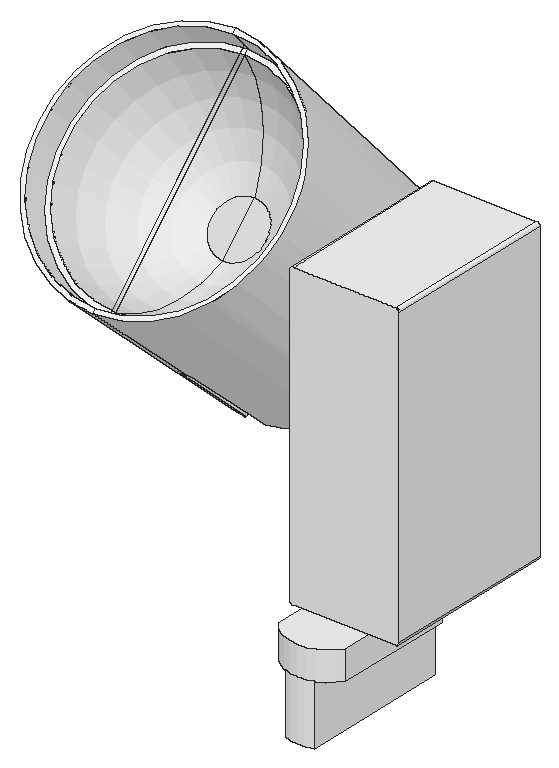
Revit family "0004821 Feilo Sylvania Lighting Fixture START TRACK SPOT L 55W 3K RA80 MB WHITE", category Lighting Fixtures, host Face, Revit 2017 (continued)
Definition of nested family "Start Track Spot Head"
  Types (96, lengths in mm): name | Wattage | built-in parameter 1150134 | Photometric Web File | Model | built-in parameter 1150105 | Lumens | built-in parameter 1150107 | built-in parameter 1150106 | HeadThickness_FEILO | HeadRibOffset_FEILO | HeadRibDepth_FEILO | HeadRibCutWidth_FEILO | HeadRibCutOffset_FEILO | HeadReflectorRadius_FEILO | HeadReflectorOffset_FEILO | HeadLEDRadius_FEILO | HeadHeight_FEILO | HeadDiffusorOffset_FEILO | HeadDiaOut_FEILO | HeadDiaIn_FEILO | HeadAxisFromTop_FEILO | Emit from Circle Diameter | built-in parameter 1150104 | Description | Apparent Load
    0004864 START TRACK SPOT S 24W 3K RA90 WB WHITE | 24 W | (empty or 0) | "0004864.ies" | "START TRACK SPOT S 24W 3K RA90 WB WHITE" | 152.79 (stored number, unit not read) | 1920 lm | 3000 (stored number, unit not read) | 1.5279 (stored number, unit not read) | 1.5 | 4.179 | 55.714 | 7.167 | 50.87 | 50.588 | 55.714 | 9.556 | 117 | 9.435 | 86 | 77.477 | 69.354 | 77.477 | 7.4322 (stored number, unit not read) | "Integrated LED spotlight, Textured White - RAL9016, compact and minimalist design, ideal for retail applications, die-cast aluminium body, passive cooling heatsink. Beam angle: 64°, color temperature: 3000K , total system power: 24W, total fixture output: 1928 lm, LOR: 100%, colour rendering: Ra: 90 typical, LED Chromaticity: 3 step MacAdam ellipse, lifetime: >50000 hours at L70B50, energy class: A++, A+, A, IR/UV free light source without heat radiation, operating voltage: 220-240V / 50-60Hz, drive current: 600mA, electronic driver, non-dimmable, power factor: 0.95, electrical protection: Class II, Global Track 3 Phase adapter suitable for Global trac 3-circuit tracks, ingress protection rating: IP20, suitable for internal environment only, horizontal rotation: 355°, vertical tilt: 90°, dimensions: Ø86x140x200, weight: 0.966kg." | 24 VA
    0004863 START TRACK SPOT S 24W 3K RA90 MB WHITE | 24 W | (empty or 0) | "0004863.ies" | "START TRACK SPOT S 24W 3K RA90 MB WHITE" | 154.7 (stored number, unit not read) | 1944 lm | 3000 (stored number, unit not read) | 1.547 (stored number, unit not read) | 1.5 | 4.179 | 55.714 | 7.167 | 50.87 | 50.588 | 55.714 | 9.556 | 117 | 9.435 | 86 | 77.477 | 69.354 | 77.477 | 7.5251 (stored number, unit not read) | "Integrated LED spotlight, Textured White - RAL9016, compact and minimalist design, ideal for retail applications, die-cast aluminium body, passive cooling heatsink. Beam angle: 36°, color temperature: 3000K , total system power: 24W, total fixture output: 1944 lm, LOR: 100%, colour rendering: Ra: 90 typical, LED Chromaticity: 3 step MacAdam ellipse, lifetime: >50000 hours at L70B50, energy class: A++, A+, A, IR/UV free light source without heat radiation, operating voltage: 220-240V / 50-60Hz, drive current: 600mA, electronic driver, non-dimmable, power factor: 0.95, electrical protection: Class II, Global Track 3 Phase adapter suitable for Global trac 3-circuit tracks, ingress protection rating: IP20, suitable for internal environment only, horizontal rotation: 355°, vertical tilt: 90°, dimensions: Ø86x140x200, weight: 0.966kg." | 24 VA
    0004862 START TRACK SPOT S 24W 3K RA90 NB WHITE | 24 W | (empty or 0) | "0004862.ies" | "START TRACK SPOT S 24W 3K RA90 NB WHITE" | 158.52 (stored number, unit not read) | 1992 lm | 3000 (stored number, unit not read) | 1.5852 (stored number, unit not read) | 1.5 | 4.179 | 55.714 | 7.167 | 50.87 | 50.588 | 55.714 | 9.556 | 117 | 9.435 | 86 | 77.477 | 69.354 | 77.477 | 7.711 (stored number, unit not read) | "Integrated LED spotlight, Textured White - RAL9016, compact and minimalist design, ideal for retail applications, die-cast aluminium body, passive cooling heatsink. Beam angle: 12°, color temperature: 3000K , total system power: 24W, total fixture output: 1987 lm, LOR: 100%, colour rendering: Ra: 90 typical, LED Chromaticity: 3 step MacAdam ellipse, lifetime: >50000 hours at L70B50, energy class: A++, A+, A, IR/UV free light source without heat radiation, operating voltage: 220-240V / 50-60Hz, drive current: 600mA, electronic driver, non-dimmable, power factor: 0.95, electrical protection: Class II, Global Track 3 Phase adapter suitable for Global trac 3-circuit tracks, ingress protection rating: IP20, suitable for internal environment only, horizontal rotation: 355°, vertical tilt: 90°, dimensions: Ø86x140x200, weight: 0.966kg." | 24 VA
    0004861 START TRACK SPOT S 14W 3K RA90 WB WHITE | 14 W | (empty or 0) | "0004861.ies" | "START TRACK SPOT S 14W 3K RA90 WB WHITE" | 100.27 (stored number, unit not read) | 1260 lm | 3000 (stored number, unit not read) | 1.0027 (stored number, unit not read) | 1.5 | 4.179 | 55.714 | 7.167 | 50.87 | 50.588 | 55.714 | 9.556 | 117 | 9.435 | 86 | 77.477 | 69.354 | 77.477 | 8.3613 (stored number, unit not read) | "Integrated LED spotlight, Textured White - RAL9016, compact and minimalist design, ideal for retail applications, die-cast aluminium body, passive cooling heatsink. Beam angle: 64°, color temperature: 3000K , total system power: 14W, total fixture output: 1262 lm, LOR: 100%, colour rendering: Ra: 90 typical, LED Chromaticity: 3 step MacAdam ellipse, lifetime: >50000 hours at L70B50, energy class: A++, A+, A, IR/UV free light source without heat radiation, operating voltage: 220-240V / 50-60Hz, drive current: 350mA, electronic driver, non-dimmable, power factor: 0.92, electrical protection: Class II, Global Track 3 Phase adapter suitable for Global trac 3-circuit tracks, ingress protection rating: IP20, suitable for internal environment only, horizontal rotation: 355°, vertical tilt: 90°, dimensions: Ø86x140x200, weight: 0.940kg." | 14 VA
    0004860 START TRACK SPOT S 14W 3K RA90 MB WHITE | 14 W | (empty or 0) | "0004860.ies" | "START TRACK SPOT S 14W 3K RA90 MB WHITE" | 100.27 (stored number, unit not read) | 1260 lm | 3000 (stored number, unit not read) | 1.0027 (stored number, unit not read) | 1.5 | 4.179 | 55.714 | 7.167 | 50.87 | 50.588 | 55.714 | 9.556 | 117 | 9.435 | 86 | 77.477 | 69.354 | 77.477 | 8.3613 (stored number, unit not read) | "Integrated LED spotlight, Textured White - RAL9016, compact and minimalist design, ideal for retail applications, die-cast aluminium body, passive cooling heatsink. Beam angle: 36°, color temperature: 3000K , total system power: 14W, total fixture output: 1262 lm, LOR: 100%, colour rendering: Ra: 90 typical, LED Chromaticity: 3 step MacAdam ellipse, lifetime: >50000 hours at L70B50, energy class: A++, A+, A, IR/UV free light source without heat radiation, operating voltage: 220-240V / 50-60Hz, drive current: 350mA, electronic driver, non-dimmable, power factor: 0.92, electrical protection: Class II, Global Track 3 Phase adapter suitable for Global trac 3-circuit tracks, ingress protection rating: IP20, suitable for internal environment only, horizontal rotation: 355°, vertical tilt: 90°, dimensions: Ø86x140x200, weight: 0.940kg." | 14 VA
    0004859 START TRACK SPOT S 14W 3K RA90 NB WHITE | 14 W | (empty or 0) | "0004859.ies" | "START TRACK SPOT S 14W 3K RA90 NB WHITE" | 102.5 (stored number, unit not read) | 1288 lm | 3000 (stored number, unit not read) | 1.025 (stored number, unit not read) | 1.5 | 4.179 | 55.714 | 7.167 | 50.87 | 50.588 | 55.714 | 9.556 | 117 | 9.435 | 86 | 77.477 | 69.354 | 77.477 | 8.5471 (stored number, unit not read) | "Integrated LED spotlight, Textured White - RAL9016, compact and minimalist design, ideal for retail applications, die-cast aluminium body, passive cooling heatsink. Beam angle: 12°, color temperature: 3000K , total system power: 14W, total fixture output: 1284 lm, LOR: 100%, colour rendering: Ra: 90 typical, LED Chromaticity: 3 step MacAdam ellipse, lifetime: >50000 hours at L70B50, energy class: A++, A+, A, IR/UV free light source without heat radiation, operating voltage: 220-240V / 50-60Hz, drive current: 350mA, electronic driver, non-dimmable, power factor: 0.92, electrical protection: Class II, Global Track 3 Phase adapter suitable for Global trac 3-circuit tracks, ingress protection rating: IP20, suitable for internal environment only, horizontal rotation: 355°, vertical tilt: 90°, dimensions: Ø86x140x200, weight: 0.940kg." | 14 VA
    0004858 START TRACK SPOT L 55W 4K RA80 WB BLACK | 55 W | 12 | "0004858.ies" | "START TRACK SPOT L 55W 4K RA80 WB BLACK" | 424.55 (stored number, unit not read) | 5335 lm | 4000 (stored number, unit not read) | 4.2455 (stored number, unit not read) | 2 | 4.429 | 59.048 | 9.417 | 53.913 | 66.471 | 59.048 | 12.556 | 124 | 10 | 113 | 101.802 | 73.503 | 101.802 | 9.0116 (stored number, unit not read) | "Integrated LED spotlight, Textured Black - RAL9005, compact and minimalist design, ideal for retail applications, die-cast aluminium body, passive cooling heatsink. Beam angle: 52°, color temperature: 4000K , total system power: 55W, total fixture output: 5320 lm, LOR: 100%, colour rendering: Ra: 80 typical, LED Chromaticity: 3 step MacAdam ellipse, lifetime: >50000 hours at L70B50, energy class: A++, A+, A, IR/UV free light source without heat radiation, operating voltage: 220-240V / 50-60Hz, drive current: 1400mA, electronic driver, non-dimmable, power factor: 0.96, electrical protection: Class II, Global Track 3 Phase adapter suitable for Global trac 3-circuit tracks, ingress protection rating: IP20, suitable for internal environment only, horizontal rotation: 355°, vertical tilt: 90°, dimensions: Ø113x164x240, weight: 1.398kg." | 55 VA
    0004857 START TRACK SPOT L 55W 4K RA80 MB BLACK | 55 W | 12 | "0004857.ies" | "START TRACK SPOT L 55W 4K RA80 MB BLACK" | 428.92 (stored number, unit not read) | 5390 lm | 4000 (stored number, unit not read) | 4.2892 (stored number, unit not read) | 2 | 4.429 | 59.048 | 9.417 | 53.913 | 66.471 | 59.048 | 12.556 | 124 | 10 | 113 | 101.802 | 73.503 | 101.802 | 9.1045 (stored number, unit not read) | "Integrated LED spotlight, Textured Black - RAL9005, compact and minimalist design, ideal for retail applications, die-cast aluminium body, passive cooling heatsink. Beam angle: 38°, color temperature: 4000K , total system power: 55W, total fixture output: 5378 lm, LOR: 100%, colour rendering: Ra: 80 typical, LED Chromaticity: 3 step MacAdam ellipse, lifetime: >50000 hours at L70B50, energy class: A++, A+, A, IR/UV free light source without heat radiation, operating voltage: 220-240V / 50-60Hz, drive current: 1400mA, electronic driver, non-dimmable, power factor: 0.96, electrical protection: Class II, Global Track 3 Phase adapter suitable for Global trac 3-circuit tracks, ingress protection rating: IP20, suitable for internal environment only, horizontal rotation: 355°, vertical tilt: 90°, dimensions: Ø113x164x240, weight: 1.398kg." | 55 VA
    0004856 START TRACK SPOT L 55W 4K RA80 NB BLACK | 55 W | 12 | "0004856.ies" | "START TRACK SPOT L 55W 4K RA80 NB BLACK" | 433.3 (stored number, unit not read) | 5445 lm | 4000 (stored number, unit not read) | 4.333 (stored number, unit not read) | 2 | 4.429 | 59.048 | 9.417 | 53.913 | 66.471 | 59.048 | 12.556 | 124 | 10 | 113 | 101.802 | 73.503 | 101.802 | 9.1974 (stored number, unit not read) | "Integrated LED spotlight, Textured Black - RAL9005, compact and minimalist design, ideal for retail applications, die-cast aluminium body, passive cooling heatsink. Beam angle: 15°, color temperature: 4000K , total system power: 55W, total fixture output: 5426 lm, LOR: 100%, colour rendering: Ra: 80 typical, LED Chromaticity: 3 step MacAdam ellipse, lifetime: >50000 hours at L70B50, energy class: A++, A+, A, IR/UV free light source without heat radiation, operating voltage: 220-240V / 50-60Hz, drive current: 1400mA, electronic driver, non-dimmable, power factor: 0.96, electrical protection: Class II, Global Track 3 Phase adapter suitable for Global trac 3-circuit tracks, ingress protection rating: IP20, suitable for internal environment only, horizontal rotation: 355°, vertical tilt: 90°, dimensions: Ø113x164x240, weight: 1.398kg." | 55 VA
    0004855 START TRACK SPOT L 35W 4K RA80 WB BLACK | 35 W | 12 | "0004855.ies" | "START TRACK SPOT L 35W 4K RA80 WB BLACK" | 320.3 (stored number, unit not read) | 4025 lm | 4000 (stored number, unit not read) | 3.203 (stored number, unit not read) | 2 | 4.429 | 59.048 | 9.417 | 53.913 | 66.471 | 59.048 | 12.556 | 124 | 10 | 113 | 101.802 | 73.503 | 101.802 | 10.684 (stored number, unit not read) | "Integrated LED spotlight, Textured Black - RAL9005, compact and minimalist design, ideal for retail applications, die-cast aluminium body, passive cooling heatsink. Beam angle: 52°, color temperature: 4000K , total system power: 35W, total fixture output: 4010 lm, LOR: 100%, colour rendering: Ra: 80 typical, LED Chromaticity: 3 step MacAdam ellipse, lifetime: >50000 hours at L70B50, energy class: A++, A+, A, IR/UV free light source without heat radiation, operating voltage: 220-240V / 50-60Hz, drive current: 900mA, electronic driver, non-dimmable, power factor: 0.93, electrical protection: Class II, Global Track 3 Phase adapter suitable for Global trac 3-circuit tracks, ingress protection rating: IP20, suitable for internal environment only, horizontal rotation: 355°, vertical tilt: 90°, dimensions: Ø113x164x240, weight: 1.368kg." | 35 VA
    0004854 START TRACK SPOT L 35W 4K RA80 MB BLACK | 35 W | 12 | "0004854.ies" | "START TRACK SPOT L 35W 4K RA80 MB BLACK" | 320.3 (stored number, unit not read) | 4025 lm | 4000 (stored number, unit not read) | 3.203 (stored number, unit not read) | 2 | 4.429 | 59.048 | 9.417 | 53.913 | 66.471 | 59.048 | 12.556 | 124 | 10 | 113 | 101.802 | 73.503 | 101.802 | 10.684 (stored number, unit not read) | "Integrated LED spotlight, Textured Black - RAL9005, compact and minimalist design, ideal for retail applications, die-cast aluminium body, passive cooling heatsink. Beam angle: 38°, color temperature: 4000K , total system power: 35W, total fixture output: 4017 lm, LOR: 100%, colour rendering: Ra: 80 typical, LED Chromaticity: 3 step MacAdam ellipse, lifetime: >50000 hours at L70B50, energy class: A++, A+, A, IR/UV free light source without heat radiation, operating voltage: 220-240V / 50-60Hz, drive current: 900mA, electronic driver, non-dimmable, power factor: 0.93, electrical protection: Class II, Global Track 3 Phase adapter suitable for Global trac 3-circuit tracks, ingress protection rating: IP20, suitable for internal environment only, horizontal rotation: 355°, vertical tilt: 90°, dimensions: Ø113x164x240, weight: 1.368kg." | 35 VA
    0004853 START TRACK SPOT L 35W 4K RA80 NB BLACK | 35 W | 12 | "0004853.ies" | "START TRACK SPOT L 35W 4K RA80 NB BLACK" | 331.44 (stored number, unit not read) | 4165 lm | 4000 (stored number, unit not read) | 3.3144 (stored number, unit not read) | 2 | 4.429 | 59.048 | 9.417 | 53.913 | 66.471 | 59.048 | 12.556 | 124 | 10 | 113 | 101.802 | 73.503 | 101.802 | 11.055 (stored number, unit not read) | "Integrated LED spotlight, Textured Black - RAL9005, compact and minimalist design, ideal for retail applications, die-cast aluminium body, passive cooling heatsink. Beam angle: 15°, color temperature: 4000K , total system power: 35W, total fixture output: 4174 lm, LOR: 100%, colour rendering: Ra: 80 typical, LED Chromaticity: 3 step MacAdam ellipse, lifetime: >50000 hours at L70B50, energy class: A++, A+, A, IR/UV free light source without heat radiation, operating voltage: 220-240V / 50-60Hz, drive current: 900mA, electronic driver, non-dimmable, power factor: 0.93, electrical protection: Class II, Global Track 3 Phase adapter suitable for Global trac 3-circuit tracks, ingress protection rating: IP20, suitable for internal environment only, horizontal rotation: 355°, vertical tilt: 90°, dimensions: Ø113x164x240, weight: 1.368kg." | 35 VA
    0004852 START TRACK SPOT S 24W 4K RA80 WB BLACK | 24 W | 12 | "0004852.ies" | "START TRACK SPOT S 24W 4K RA80 WB BLACK" | 196.72 (stored number, unit not read) | 2472 lm | 4000 (stored number, unit not read) | 1.9672 (stored number, unit not read) | 1.5 | 4.179 | 55.714 | 7.167 | 50.87 | 50.588 | 55.714 | 9.556 | 117 | 9.435 | 86 | 77.477 | 69.354 | 77.477 | 9.569 (stored number, unit not read) | "Integrated LED spotlight, Textured Black - RAL9005, compact and minimalist design, ideal for retail applications, die-cast aluminium body, passive cooling heatsink. Beam angle: 64°, color temperature: 4000K , total system power: 24W, total fixture output: 2476 lm, LOR: 100%, colour rendering: Ra: 80 typical, LED Chromaticity: 3 step MacAdam ellipse, lifetime: >50000 hours at L70B50, energy class: A++, A+, A, IR/UV free light source without heat radiation, operating voltage: 220-240V / 50-60Hz, drive current: 600mA, electronic driver, non-dimmable, power factor: 0.95, electrical protection: Class II, Global Track 3 Phase adapter suitable for Global trac 3-circuit tracks, ingress protection rating: IP20, suitable for internal environment only, horizontal rotation: 355°, vertical tilt: 90°, dimensions: Ø86x140x200, weight: 0.966kg." | 24 VA
    0004851 START TRACK SPOT S 24W 4K RA80 MB BLACK | 24 W | 12 | "0004851.ies" | "START TRACK SPOT S 24W 4K RA80 MB BLACK" | 198.63 (stored number, unit not read) | 2496 lm | 4000 (stored number, unit not read) | 1.9863 (stored number, unit not read) | 1.5 | 4.179 | 55.714 | 7.167 | 50.87 | 50.588 | 55.714 | 9.556 | 117 | 9.435 | 86 | 77.477 | 69.354 | 77.477 | 9.6619 (stored number, unit not read) | "Integrated LED spotlight, Textured Black - RAL9005, compact and minimalist design, ideal for retail applications, die-cast aluminium body, passive cooling heatsink. Beam angle: 36°, color temperature: 4000K , total system power: 24W, total fixture output: 2487 lm, LOR: 100%, colour rendering: Ra: 80 typical, LED Chromaticity: 3 step MacAdam ellipse, lifetime: >50000 hours at L70B50, energy class: A++, A+, A, IR/UV free light source without heat radiation, operating voltage: 220-240V / 50-60Hz, drive current: 600mA, electronic driver, non-dimmable, power factor: 0.95, electrical protection: Class II, Global Track 3 Phase adapter suitable for Global trac 3-circuit tracks, ingress protection rating: IP20, suitable for internal environment only, horizontal rotation: 355°, vertical tilt: 90°, dimensions: Ø86x140x200, weight: 0.966kg." | 24 VA
    0004850 START TRACK SPOT S 24W 4K RA80 NB BLACK | 24 W | 12 | "0004850.ies" | "START TRACK SPOT S 24W 4K RA80 NB BLACK" | 200.54 (stored number, unit not read) | 2520 lm | 4000 (stored number, unit not read) | 2.0054 (stored number, unit not read) | 1.5 | 4.179 | 55.714 | 7.167 | 50.87 | 50.588 | 55.714 | 9.556 | 117 | 9.435 | 86 | 77.477 | 69.354 | 77.477 | 9.7548 (stored number, unit not read) | "Integrated LED spotlight, Textured Black - RAL9005, compact and minimalist design, ideal for retail applications, die-cast aluminium body, passive cooling heatsink. Beam angle: 12°, color temperature: 4000K , total system power: 24W, total fixture output: 2529 lm, LOR: 100%, colour rendering: Ra: 80 typical, LED Chromaticity: 3 step MacAdam ellipse, lifetime: >50000 hours at L70B50, energy class: A++, A+, A, IR/UV free light source without heat radiation, operating voltage: 220-240V / 50-60Hz, drive current: 600mA, electronic driver, non-dimmable, power factor: 0.95, electrical protection: Class II, Global Track 3 Phase adapter suitable for Global trac 3-circuit tracks, ingress protection rating: IP20, suitable for internal environment only, horizontal rotation: 355°, vertical tilt: 90°, dimensions: Ø86x140x200, weight: 0.966kg." | 24 VA
    0004849 START TRACK SPOT S 14W 4K RA80 WB BLACK | 14 W | 12 | "0004849.ies" | "START TRACK SPOT S 14W 4K RA80 WB BLACK" | 123.66 (stored number, unit not read) | 1554 lm | 4000 (stored number, unit not read) | 1.2366 (stored number, unit not read) | 1.5 | 4.179 | 55.714 | 7.167 | 50.87 | 50.588 | 55.714 | 9.556 | 117 | 9.435 | 86 | 77.477 | 69.354 | 77.477 | 10.312 (stored number, unit not read) | "Integrated LED spotlight, Textured Black - RAL9005, compact and minimalist design, ideal for retail applications, die-cast aluminium body, passive cooling heatsink. Beam angle: 64°, color temperature: 4000K , total system power: 14W, total fixture output: 1558 lm, LOR: 100%, colour rendering: Ra: 80 typical, LED Chromaticity: 3 step MacAdam ellipse, lifetime: >50000 hours at L70B50, energy class: A++, A+, A, IR/UV free light source without heat radiation, operating voltage: 220-240V / 50-60Hz, drive current: 350mA, electronic driver, non-dimmable, power factor: 0.92, electrical protection: Class II, Global Track 3 Phase adapter suitable for Global trac 3-circuit tracks, ingress protection rating: IP20, suitable for internal environment only, horizontal rotation: 355°, vertical tilt: 90°, dimensions: Ø86x140x200, weight: 0.940kg." | 14 VA
    0004848 START TRACK SPOT S 14W 4K RA80 MB BLACK | 14 W | 12 | "0004848.ies" | "START TRACK SPOT S 14W 4K RA80 MB BLACK" | 127.01 (stored number, unit not read) | 1596 lm | 4000 (stored number, unit not read) | 1.2701 (stored number, unit not read) | 1.5 | 4.179 | 55.714 | 7.167 | 50.87 | 50.588 | 55.714 | 9.556 | 117 | 9.435 | 86 | 77.477 | 69.354 | 77.477 | 10.591 (stored number, unit not read) | "Integrated LED spotlight, Textured Black - RAL9005, compact and minimalist design, ideal for retail applications, die-cast aluminium body, passive cooling heatsink. Beam angle: 36°, color temperature: 4000K , total system power: 14W, total fixture output: 1598 lm, LOR: 100%, colour rendering: Ra: 80 typical, LED Chromaticity: 3 step MacAdam ellipse, lifetime: >50000 hours at L70B50, energy class: A++, A+, A, IR/UV free light source without heat radiation, operating voltage: 220-240V / 50-60Hz, drive current: 350mA, electronic driver, non-dimmable, power factor: 0.92, electrical protection: Class II, Global Track 3 Phase adapter suitable for Global trac 3-circuit tracks, ingress protection rating: IP20, suitable for internal environment only, horizontal rotation: 355°, vertical tilt: 90°, dimensions: Ø86x140x200, weight: 0.940kg." | 14 VA
    0004847 START TRACK SPOT S 14W 4K RA80 NB BLACK | 14 W | 12 | "0004847.ies" | "START TRACK SPOT S 14W 4K RA80 NB BLACK" | 128.12 (stored number, unit not read) | 1610 lm | 4000 (stored number, unit not read) | 1.2812 (stored number, unit not read) | 1.5 | 4.179 | 55.714 | 7.167 | 50.87 | 50.588 | 55.714 | 9.556 | 117 | 9.435 | 86 | 77.477 | 69.354 | 77.477 | 10.684 (stored number, unit not read) | "Integrated LED spotlight, Textured Black - RAL9005, compact and minimalist design, ideal for retail applications, die-cast aluminium body, passive cooling heatsink. Beam angle: 12°, color temperature: 4000K , total system power: 14W, total fixture output: 1608 lm, LOR: 100%, colour rendering: Ra: 80 typical, LED Chromaticity: 3 step MacAdam ellipse, lifetime: >50000 hours at L70B50, energy class: A++, A+, A, IR/UV free light source without heat radiation, operating voltage: 220-240V / 50-60Hz, drive current: 350mA, electronic driver, non-dimmable, power factor: 0.92, electrical protection: Class II, Global Track 3 Phase adapter suitable for Global trac 3-circuit tracks, ingress protection rating: IP20, suitable for internal environment only, horizontal rotation: 355°, vertical tilt: 90°, dimensions: Ø86x140x200, weight: 0.940kg." | 14 VA
    0004846 START TRACK SPOT L 55W 3K RA80 WB BLACK | 55 W | (empty or 0) | "0004846.ies" | "START TRACK SPOT L 55W 3K RA80 WB BLACK" | 420.17 (stored number, unit not read) | 5280 lm | 3000 (stored number, unit not read) | 4.2017 (stored number, unit not read) | 2 | 4.429 | 59.048 | 9.417 | 53.913 | 66.471 | 59.048 | 12.556 | 124 | 10 | 113 | 101.802 | 73.503 | 101.802 | 8.9187 (stored number, unit not read) | "Integrated LED spotlight, Textured Black - RAL9005, compact and minimalist design, ideal for retail applications, die-cast aluminium body, passive cooling heatsink. Beam angle: 52°, color temperature: 3000K , total system power: 55W, total fixture output: 5298 lm, LOR: 100%, colour rendering: Ra: 80 typical, LED Chromaticity: 3 step MacAdam ellipse, lifetime: >50000 hours at L70B50, energy class: A++, A+, A, IR/UV free light source without heat radiation, operating voltage: 220-240V / 50-60Hz, drive current: 1400mA, electronic driver, non-dimmable, power factor: 0.96, electrical protection: Class II, Global Track 3 Phase adapter suitable for Global trac 3-circuit tracks, ingress protection rating: IP20, suitable for internal environment only, horizontal rotation: 355°, vertical tilt: 90°, dimensions: Ø113x164x240, weight: 1.398kg." | 55 VA
    0004845 START TRACK SPOT L 55W 3K RA80 MB BLACK | 55 W | (empty or 0) | "0004845.ies" | "START TRACK SPOT L 55W 3K RA80 MB BLACK" | 428.92 (stored number, unit not read) | 5390 lm | 3000 (stored number, unit not read) | 4.2892 (stored number, unit not read) | 2 | 4.429 | 59.048 | 9.417 | 53.913 | 66.471 | 59.048 | 12.556 | 124 | 10 | 113 | 101.802 | 73.503 | 101.802 | 9.1045 (stored number, unit not read) | "Integrated LED spotlight, Textured Black - RAL9005, compact and minimalist design, ideal for retail applications, die-cast aluminium body, passive cooling heatsink. Beam angle: 38°, color temperature: 3000K , total system power: 55W, total fixture output: 5381 lm, LOR: 100%, colour rendering: Ra: 80 typical, LED Chromaticity: 3 step MacAdam ellipse, lifetime: >50000 hours at L70B50, energy class: A++, A+, A, IR/UV free light source without heat radiation, operating voltage: 220-240V / 50-60Hz, drive current: 1400mA, electronic driver, non-dimmable, power factor: 0.96, electrical protection: Class II, Global Track 3 Phase adapter suitable for Global trac 3-circuit tracks, ingress protection rating: IP20, suitable for internal environment only, horizontal rotation: 355°, vertical tilt: 90°, dimensions: Ø113x164x240, weight: 1.398kg." | 55 VA
    0004844 START TRACK SPOT L 55W 3K RA80 NB BLACK | 55 W | (empty or 0) | "0004844.ies" | "START TRACK SPOT L 55W 3K RA80 NB BLACK" | 433.3 (stored number, unit not read) | 5445 lm | 3000 (stored number, unit not read) | 4.333 (stored number, unit not read) | 2 | 4.429 | 59.048 | 9.417 | 53.913 | 66.471 | 59.048 | 12.556 | 124 | 10 | 113 | 101.802 | 73.503 | 101.802 | 9.1974 (stored number, unit not read) | "Integrated LED spotlight, Textured Black - RAL9005, compact and minimalist design, ideal for retail applications, die-cast aluminium body, passive cooling heatsink. Beam angle: 15°, color temperature: 3000K , total system power: 55W, total fixture output: 5449 lm, LOR: 100%, colour rendering: Ra: 80 typical, LED Chromaticity: 3 step MacAdam ellipse, lifetime: >50000 hours at L70B50, energy class: A++, A+, A, IR/UV free light source without heat radiation, operating voltage: 220-240V / 50-60Hz, drive current: 1400mA, electronic driver, non-dimmable, power factor: 0.96, electrical protection: Class II, Global Track 3 Phase adapter suitable for Global trac 3-circuit tracks, ingress protection rating: IP20, suitable for internal environment only, horizontal rotation: 355°, vertical tilt: 90°, dimensions: Ø113x164x240, weight: 1.398kg." | 55 VA
    0004843 START TRACK SPOT L 35W 3K RA80 WB BLACK | 35 W | (empty or 0) | "0004843.ies" | "START TRACK SPOT L 35W 3K RA80 WB BLACK" | 314.73 (stored number, unit not read) | 3955 lm | 3000 (stored number, unit not read) | 3.1473 (stored number, unit not read) | 2 | 4.429 | 59.048 | 9.417 | 53.913 | 66.471 | 59.048 | 12.556 | 124 | 10 | 113 | 101.802 | 73.503 | 101.802 | 10.498 (stored number, unit not read) | "Integrated LED spotlight, Textured Black - RAL9005, compact and minimalist design, ideal for retail applications, die-cast aluminium body, passive cooling heatsink. Beam angle: 52°, color temperature: 3000K , total system power: 35W, total fixture output: 3943 lm, LOR: 100%, colour rendering: Ra: 80 typical, LED Chromaticity: 3 step MacAdam ellipse, lifetime: >50000 hours at L70B50, energy class: A++, A+, A, IR/UV free light source without heat radiation, operating voltage: 220-240V / 50-60Hz, drive current: 900mA, electronic driver, non-dimmable, power factor: 0.93, electrical protection: Class II, Global Track 3 Phase adapter suitable for Global trac 3-circuit tracks, ingress protection rating: IP20, suitable for internal environment only, horizontal rotation: 355°, vertical tilt: 90°, dimensions: Ø113x164x240, weight: 1.368kg." | 35 VA
    0004842 START TRACK SPOT L 35W 3K RA80 MB BLACK | 35 W | (empty or 0) | "0004842.ies" | "START TRACK SPOT L 35W 3K RA80 MB BLACK" | 320.3 (stored number, unit not read) | 4025 lm | 3000 (stored number, unit not read) | 3.203 (stored number, unit not read) | 2 | 4.429 | 59.048 | 9.417 | 53.913 | 66.471 | 59.048 | 12.556 | 124 | 10 | 113 | 101.802 | 73.503 | 101.802 | 10.684 (stored number, unit not read) | "Integrated LED spotlight, Textured Black - RAL9005, compact and minimalist design, ideal for retail applications, die-cast aluminium body, passive cooling heatsink. Beam angle: 38°, color temperature: 3000K , total system power: 35W, total fixture output: 4008 lm, LOR: 100%, colour rendering: Ra: 80 typical, LED Chromaticity: 3 step MacAdam ellipse, lifetime: >50000 hours at L70B50, energy class: A++, A+, A, IR/UV free light source without heat radiation, operating voltage: 220-240V / 50-60Hz, drive current: 900mA, electronic driver, non-dimmable, power factor: 0.93, electrical protection: Class II, Global Track 3 Phase adapter suitable for Global trac 3-circuit tracks, ingress protection rating: IP20, suitable for internal environment only, horizontal rotation: 355°, vertical tilt: 90°, dimensions: Ø113x164x240, weight: 1.368kg." | 35 VA
    0004841 START TRACK SPOT L 35W 3K RA80 NB BLACK | 35 W | (empty or 0) | "0004841.ies" | "START TRACK SPOT L 35W 3K RA80 NB BLACK" | 317.51 (stored number, unit not read) | 3990 lm | 3000 (stored number, unit not read) | 3.1751 (stored number, unit not read) | 2 | 4.429 | 59.048 | 9.417 | 53.913 | 66.471 | 59.048 | 12.556 | 124 | 10 | 113 | 101.802 | 73.503 | 101.802 | 10.591 (stored number, unit not read) | "Integrated LED spotlight, Textured Black - RAL9005, compact and minimalist design, ideal for retail applications, die-cast aluminium body, passive cooling heatsink. Beam angle: 15°, color temperature: 3000K , total system power: 35W, total fixture output: 4005 lm, LOR: 100%, colour rendering: Ra: 80 typical, LED Chromaticity: 3 step MacAdam ellipse, lifetime: >50000 hours at L70B50, energy class: A++, A+, A, IR/UV free light source without heat radiation, operating voltage: 220-240V / 50-60Hz, drive current: 900mA, electronic driver, non-dimmable, power factor: 0.93, electrical protection: Class II, Global Track 3 Phase adapter suitable for Global trac 3-circuit tracks, ingress protection rating: IP20, suitable for internal environment only, horizontal rotation: 355°, vertical tilt: 90°, dimensions: Ø113x164x240, weight: 1.368kg." | 35 VA
    0004840 START TRACK SPOT S 24W 3K RA80 WB BLACK | 24 W | (empty or 0) | "0004840.ies" | "START TRACK SPOT S 24W 3K RA80 WB BLACK" | 185.26 (stored number, unit not read) | 2328 lm | 3000 (stored number, unit not read) | 1.8526 (stored number, unit not read) | 1.5 | 4.179 | 55.714 | 7.167 | 50.87 | 50.588 | 55.714 | 9.556 | 117 | 9.435 | 86 | 77.477 | 69.354 | 77.477 | 9.0116 (stored number, unit not read) | "Integrated LED spotlight, Textured Black - RAL9005, compact and minimalist design, ideal for retail applications, die-cast aluminium body, passive cooling heatsink. Beam angle: 64°, color temperature: 3000K , total system power: 24W, total fixture output: 2318 lm, LOR: 100%, colour rendering: Ra: 80 typical, LED Chromaticity: 3 step MacAdam ellipse, lifetime: >50000 hours at L70B50, energy class: A++, A+, A, IR/UV free light source without heat radiation, operating voltage: 220-240V / 50-60Hz, drive current: 600mA, electronic driver, non-dimmable, power factor: 0.95, electrical protection: Class II, Global Track 3 Phase adapter suitable for Global trac 3-circuit tracks, ingress protection rating: IP20, suitable for internal environment only, horizontal rotation: 355°, vertical tilt: 90°, dimensions: Ø86x140x200, weight: 0.966kg." | 24 VA
    0004839 START TRACK SPOT S 24W 3K RA80 MB BLACK | 24 W | (empty or 0) | "0004839.ies" | "START TRACK SPOT S 24W 3K RA80 MB BLACK" | 183.35 (stored number, unit not read) | 2304 lm | 3000 (stored number, unit not read) | 1.8335 (stored number, unit not read) | 1.5 | 4.179 | 55.714 | 7.167 | 50.87 | 50.588 | 55.714 | 9.556 | 117 | 9.435 | 86 | 77.477 | 69.354 | 77.477 | 8.9187 (stored number, unit not read) | "Integrated LED spotlight, Textured Black - RAL9005, compact and minimalist design, ideal for retail applications, die-cast aluminium body, passive cooling heatsink. Beam angle: 36°, color temperature: 3000K , total system power: 24W, total fixture output: 2314 lm, LOR: 100%, colour rendering: Ra: 80 typical, LED Chromaticity: 3 step MacAdam ellipse, lifetime: >50000 hours at L70B50, energy class: A++, A+, A, IR/UV free light source without heat radiation, operating voltage: 220-240V / 50-60Hz, drive current: 600mA, electronic driver, non-dimmable, power factor: 0.95, electrical protection: Class II, Global Track 3 Phase adapter suitable for Global trac 3-circuit tracks, ingress protection rating: IP20, suitable for internal environment only, horizontal rotation: 355°, vertical tilt: 90°, dimensions: Ø86x140x200, weight: 0.966kg." | 24 VA
    0004838 START TRACK SPOT S 24W 3K RA80 NB BLACK | 24 W | (empty or 0) | "0004838.ies" | "START TRACK SPOT S 24W 3K RA80 NB BLACK" | 185.26 (stored number, unit not read) | 2328 lm | 3000 (stored number, unit not read) | 1.8526 (stored number, unit not read) | 1.5 | 4.179 | 55.714 | 7.167 | 50.87 | 50.588 | 55.714 | 9.556 | 117 | 9.435 | 86 | 77.477 | 69.354 | 77.477 | 9.0116 (stored number, unit not read) | "Integrated LED spotlight, Textured Black - RAL9005, compact and minimalist design, ideal for retail applications, die-cast aluminium body, passive cooling heatsink. Beam angle: 12°, color temperature: 3000K , total system power: 24W, total fixture output: 2334 lm, LOR: 100%, colour rendering: Ra: 80 typical, LED Chromaticity: 3 step MacAdam ellipse, lifetime: >50000 hours at L70B50, energy class: A++, A+, A, IR/UV free light source without heat radiation, operating voltage: 220-240V / 50-60Hz, drive current: 600mA, electronic driver, non-dimmable, power factor: 0.95, electrical protection: Class II, Global Track 3 Phase adapter suitable for Global trac 3-circuit tracks, ingress protection rating: IP20, suitable for internal environment only, horizontal rotation: 355°, vertical tilt: 90°, dimensions: Ø86x140x200, weight: 0.966kg." | 24 VA
    0004837 START TRACK SPOT S 14W 3K RA80 WB BLACK | 14 W | (empty or 0) | "0004837.ies" | "START TRACK SPOT S 14W 3K RA80 WB BLACK" | 119.21 (stored number, unit not read) | 1498 lm | 3000 (stored number, unit not read) | 1.1921 (stored number, unit not read) | 1.5 | 4.179 | 55.714 | 7.167 | 50.87 | 50.588 | 55.714 | 9.556 | 117 | 9.435 | 86 | 77.477 | 69.354 | 77.477 | 9.9406 (stored number, unit not read) | "Integrated LED spotlight, Textured Black - RAL9005, compact and minimalist design, ideal for retail applications, die-cast aluminium body, passive cooling heatsink. Beam angle: 64°, color temperature: 3000K , total system power: 14W, total fixture output: 1498 lm, LOR: 100%, colour rendering: Ra: 80 typical, LED Chromaticity: 3 step MacAdam ellipse, lifetime: >50000 hours at L70B50, energy class: A++, A+, A, IR/UV free light source without heat radiation, operating voltage: 220-240V / 50-60Hz, drive current: 350mA, electronic driver, non-dimmable, power factor: 0.92, electrical protection: Class II, Global Track 3 Phase adapter suitable for Global trac 3-circuit tracks, ingress protection rating: IP20, suitable for internal environment only, horizontal rotation: 355°, vertical tilt: 90°, dimensions: Ø86x140x200, weight: 0.940kg." | 14 VA
    0004836 START TRACK SPOT S 14W 3K RA80 MB BLACK | 14 W | (empty or 0) | "0004836.ies" | "START TRACK SPOT S 14W 3K RA80 MB BLACK" | 120.32 (stored number, unit not read) | 1512 lm | 3000 (stored number, unit not read) | 1.2032 (stored number, unit not read) | 1.5 | 4.179 | 55.714 | 7.167 | 50.87 | 50.588 | 55.714 | 9.556 | 117 | 9.435 | 86 | 77.477 | 69.354 | 77.477 | 10.034 (stored number, unit not read) | "Integrated LED spotlight, Textured Black - RAL9005, compact and minimalist design, ideal for retail applications, die-cast aluminium body, passive cooling heatsink. Beam angle: 36°, color temperature: 3000K , total system power: 14W, total fixture output: 1508 lm, LOR: 100%, colour rendering: Ra: 80 typical, LED Chromaticity: 3 step MacAdam ellipse, lifetime: >50000 hours at L70B50, energy class: A++, A+, A, IR/UV free light source without heat radiation, operating voltage: 220-240V / 50-60Hz, drive current: 350mA, electronic driver, non-dimmable, power factor: 0.92, electrical protection: Class II, Global Track 3 Phase adapter suitable for Global trac 3-circuit tracks, ingress protection rating: IP20, suitable for internal environment only, horizontal rotation: 355°, vertical tilt: 90°, dimensions: Ø86x140x200, weight: 0.940kg." | 14 VA
    0004835 START TRACK SPOT S 14W 3K RA80 NB BLACK | 14 W | (empty or 0) | "0004835.ies" | "START TRACK SPOT S 14W 3K RA80 NB BLACK" | 123.66 (stored number, unit not read) | 1554 lm | 3000 (stored number, unit not read) | 1.2366 (stored number, unit not read) | 1.5 | 4.179 | 55.714 | 7.167 | 50.87 | 50.588 | 55.714 | 9.556 | 117 | 9.435 | 86 | 77.477 | 69.354 | 77.477 | 10.312 (stored number, unit not read) | "Integrated LED spotlight, Textured Black - RAL9005, compact and minimalist design, ideal for retail applications, die-cast aluminium body, passive cooling heatsink. Beam angle: 12°, color temperature: 3000K , total system power: 14W, total fixture output: 1551 lm, LOR: 100%, colour rendering: Ra: 80 typical, LED Chromaticity: 3 step MacAdam ellipse, lifetime: >50000 hours at L70B50, energy class: A++, A+, A, IR/UV free light source without heat radiation, operating voltage: 220-240V / 50-60Hz, drive current: 350mA, electronic driver, non-dimmable, power factor: 0.92, electrical protection: Class II, Global Track 3 Phase adapter suitable for Global trac 3-circuit tracks, ingress protection rating: IP20, suitable for internal environment only, horizontal rotation: 355°, vertical tilt: 90°, dimensions: Ø86x140x200, weight: 0.940kg." | 14 VA
    0004834 START TRACK SPOT L 55W 4K RA80 WB WHITE | 55 W | 12 | "0004834.ies" | "START TRACK SPOT L 55W 4K RA80 WB WHITE" | 424.55 (stored number, unit not read) | 5335 lm | 4000 (stored number, unit not read) | 4.2455 (stored number, unit not read) | 2 | 4.429 | 59.048 | 9.417 | 53.913 | 66.471 | 59.048 | 12.556 | 124 | 10 | 113 | 101.802 | 73.503 | 101.802 | 9.0116 (stored number, unit not read) | "Integrated LED spotlight, Textured White - RAL9016, compact and minimalist design, ideal for retail applications, die-cast aluminium body, passive cooling heatsink. Beam angle: 52°, color temperature: 4000K , total system power: 55W, total fixture output: 5320 lm, LOR: 100%, colour rendering: Ra: 80 typical, LED Chromaticity: 3 step MacAdam ellipse, lifetime: >50000 hours at L70B50, energy class: A++, A+, A, IR/UV free light source without heat radiation, operating voltage: 220-240V / 50-60Hz, drive current: 1400mA, electronic driver, non-dimmable, power factor: 0.96, electrical protection: Class II, Global Track 3 Phase adapter suitable for Global trac 3-circuit tracks, ingress protection rating: IP20, suitable for internal environment only, horizontal rotation: 355°, vertical tilt: 90°, dimensions: Ø113x164x240, weight: 1.398kg." | 55 VA
    0004833 START TRACK SPOT L 55W 4K RA80 MB WHITE | 55 W | 12 | "0004833.ies" | "START TRACK SPOT L 55W 4K RA80 MB WHITE" | 428.92 (stored number, unit not read) | 5390 lm | 4000 (stored number, unit not read) | 4.2892 (stored number, unit not read) | 2 | 4.429 | 59.048 | 9.417 | 53.913 | 66.471 | 59.048 | 12.556 | 124 | 10 | 113 | 101.802 | 73.503 | 101.802 | 9.1045 (stored number, unit not read) | "Integrated LED spotlight, Textured White - RAL9016, compact and minimalist design, ideal for retail applications, die-cast aluminium body, passive cooling heatsink. Beam angle: 38°, color temperature: 4000K , total system power: 55W, total fixture output: 5378 lm, LOR: 100%, colour rendering: Ra: 80 typical, LED Chromaticity: 3 step MacAdam ellipse, lifetime: >50000 hours at L70B50, energy class: A++, A+, A, IR/UV free light source without heat radiation, operating voltage: 220-240V / 50-60Hz, drive current: 1400mA, electronic driver, non-dimmable, power factor: 0.96, electrical protection: Class II, Global Track 3 Phase adapter suitable for Global trac 3-circuit tracks, ingress protection rating: IP20, suitable for internal environment only, horizontal rotation: 355°, vertical tilt: 90°, dimensions: Ø113x164x240, weight: 1.398kg." | 55 VA
    0004832 START TRACK SPOT L 55W 4K RA80 NB WHITE | 55 W | 12 | "0004832.ies" | "START TRACK SPOT L 55W 4K RA80 NB WHITE" | 433.3 (stored number, unit not read) | 5445 lm | 4000 (stored number, unit not read) | 4.333 (stored number, unit not read) | 2 | 4.429 | 59.048 | 9.417 | 53.913 | 66.471 | 59.048 | 12.556 | 124 | 10 | 113 | 101.802 | 73.503 | 101.802 | 9.1974 (stored number, unit not read) | "Integrated LED spotlight, Textured White - RAL9016, compact and minimalist design, ideal for retail applications, die-cast aluminium body, passive cooling heatsink. Beam angle: 15°, color temperature: 4000K , total system power: 55W, total fixture output: 5426 lm, LOR: 100%, colour rendering: Ra: 80 typical, LED Chromaticity: 3 step MacAdam ellipse, lifetime: >50000 hours at L70B50, energy class: A++, A+, A, IR/UV free light source without heat radiation, operating voltage: 220-240V / 50-60Hz, drive current: 1400mA, electronic driver, non-dimmable, power factor: 0.96, electrical protection: Class II, Global Track 3 Phase adapter suitable for Global trac 3-circuit tracks, ingress protection rating: IP20, suitable for internal environment only, horizontal rotation: 355°, vertical tilt: 90°, dimensions: Ø113x164x240, weight: 1.398kg." | 55 VA
    0004831 START TRACK SPOT L 35W 4K RA80 WB WHITE | 35 W | 12 | "0004831.ies" | "START TRACK SPOT L 35W 4K RA80 WB WHITE" | 320.3 (stored number, unit not read) | 4025 lm | 4000 (stored number, unit not read) | 3.203 (stored number, unit not read) | 2 | 4.429 | 59.048 | 9.417 | 53.913 | 66.471 | 59.048 | 12.556 | 124 | 10 | 113 | 101.802 | 73.503 | 101.802 | 10.684 (stored number, unit not read) | "Integrated LED spotlight, Textured White - RAL9016, compact and minimalist design, ideal for retail applications, die-cast aluminium body, passive cooling heatsink. Beam angle: 52°, color temperature: 4000K , total system power: 35W, total fixture output: 4010 lm, LOR: 100%, colour rendering: Ra: 80 typical, LED Chromaticity: 3 step MacAdam ellipse, lifetime: >50000 hours at L70B50, energy class: A++, A+, A, IR/UV free light source without heat radiation, operating voltage: 220-240V / 50-60Hz, drive current: 900mA, electronic driver, non-dimmable, power factor: 0.93, electrical protection: Class II, Global Track 3 Phase adapter suitable for Global trac 3-circuit tracks, ingress protection rating: IP20, suitable for internal environment only, horizontal rotation: 355°, vertical tilt: 90°, dimensions: Ø113x164x240, weight: 1.368kg." | 35 VA
    0004830 START TRACK SPOT L 35W 4K RA80 MB WHITE | 35 W | 12 | "0004830.ies" | "START TRACK SPOT L 35W 4K RA80 MB WHITE" | 320.3 (stored number, unit not read) | 4025 lm | 4000 (stored number, unit not read) | 3.203 (stored number, unit not read) | 2 | 4.429 | 59.048 | 9.417 | 53.913 | 66.471 | 59.048 | 12.556 | 124 | 10 | 113 | 101.802 | 73.503 | 101.802 | 10.684 (stored number, unit not read) | "Integrated LED spotlight, Textured White - RAL9016, compact and minimalist design, ideal for retail applications, die-cast aluminium body, passive cooling heatsink. Beam angle: 38°, color temperature: 4000K , total system power: 35W, total fixture output: 4017 lm, LOR: 100%, colour rendering: Ra: 80 typical, LED Chromaticity: 3 step MacAdam ellipse, lifetime: >50000 hours at L70B50, energy class: A++, A+, A, IR/UV free light source without heat radiation, operating voltage: 220-240V / 50-60Hz, drive current: 900mA, electronic driver, non-dimmable, power factor: 0.93, electrical protection: Class II, Global Track 3 Phase adapter suitable for Global trac 3-circuit tracks, ingress protection rating: IP20, suitable for internal environment only, horizontal rotation: 355°, vertical tilt: 90°, dimensions: Ø113x164x240, weight: 1.368kg." | 35 VA
    0004829 START TRACK SPOT L 35W 4K RA80 NB WHITE | 35 W | 12 | "0004829.ies" | "START TRACK SPOT L 35W 4K RA80 NB WHITE" | 331.44 (stored number, unit not read) | 4165 lm | 4000 (stored number, unit not read) | 3.3144 (stored number, unit not read) | 2 | 4.429 | 59.048 | 9.417 | 53.913 | 66.471 | 59.048 | 12.556 | 124 | 10 | 113 | 101.802 | 73.503 | 101.802 | 11.055 (stored number, unit not read) | "Integrated LED spotlight, Textured White - RAL9016, compact and minimalist design, ideal for retail applications, die-cast aluminium body, passive cooling heatsink. Beam angle: 15°, color temperature: 4000K , total system power: 35W, total fixture output: 4174 lm, LOR: 100%, colour rendering: Ra: 80 typical, LED Chromaticity: 3 step MacAdam ellipse, lifetime: >50000 hours at L70B50, energy class: A++, A+, A, IR/UV free light source without heat radiation, operating voltage: 220-240V / 50-60Hz, drive current: 900mA, electronic driver, non-dimmable, power factor: 0.93, electrical protection: Class II, Global Track 3 Phase adapter suitable for Global trac 3-circuit tracks, ingress protection rating: IP20, suitable for internal environment only, horizontal rotation: 355°, vertical tilt: 90°, dimensions: Ø113x164x240, weight: 1.368kg." | 35 VA
    0004828 START TRACK SPOT S 24W 4K RA80 WB WHITE | 24 W | 12 | "0004828.ies" | "START TRACK SPOT S 24W 4K RA80 WB WHITE" | 196.72 (stored number, unit not read) | 2472 lm | 4000 (stored number, unit not read) | 1.9672 (stored number, unit not read) | 1.5 | 4.179 | 55.714 | 7.167 | 50.87 | 50.588 | 55.714 | 9.556 | 117 | 9.435 | 86 | 77.477 | 69.354 | 77.477 | 9.569 (stored number, unit not read) | "Integrated LED spotlight, Textured White - RAL9016, compact and minimalist design, ideal for retail applications, die-cast aluminium body, passive cooling heatsink. Beam angle: 64°, color temperature: 4000K , total system power: 24W, total fixture output: 2476 lm, LOR: 100%, colour rendering: Ra: 80 typical, LED Chromaticity: 3 step MacAdam ellipse, lifetime: >50000 hours at L70B50, energy class: A++, A+, A, IR/UV free light source without heat radiation, operating voltage: 220-240V / 50-60Hz, drive current: 600mA, electronic driver, non-dimmable, power factor: 0.95, electrical protection: Class II, Global Track 3 Phase adapter suitable for Global trac 3-circuit tracks, ingress protection rating: IP20, suitable for internal environment only, horizontal rotation: 355°, vertical tilt: 90°, dimensions: Ø86x140x200, weight: 0.966kg." | 24 VA
    0004827 START TRACK SPOT S 24W 4K RA80 MB WHITE | 24 W | 12 | "0004827.ies" | "START TRACK SPOT S 24W 4K RA80 MB WHITE" | 198.63 (stored number, unit not read) | 2496 lm | 4000 (stored number, unit not read) | 1.9863 (stored number, unit not read) | 1.5 | 4.179 | 55.714 | 7.167 | 50.87 | 50.588 | 55.714 | 9.556 | 117 | 9.435 | 86 | 77.477 | 69.354 | 77.477 | 9.6619 (stored number, unit not read) | "Integrated LED spotlight, Textured White - RAL9016, compact and minimalist design, ideal for retail applications, die-cast aluminium body, passive cooling heatsink. Beam angle: 36°, color temperature: 4000K , total system power: 24W, total fixture output: 2487 lm, LOR: 100%, colour rendering: Ra: 80 typical, LED Chromaticity: 3 step MacAdam ellipse, lifetime: >50000 hours at L70B50, energy class: A++, A+, A, IR/UV free light source without heat radiation, operating voltage: 220-240V / 50-60Hz, drive current: 600mA, electronic driver, non-dimmable, power factor: 0.95, electrical protection: Class II, Global Track 3 Phase adapter suitable for Global trac 3-circuit tracks, ingress protection rating: IP20, suitable for internal environment only, horizontal rotation: 355°, vertical tilt: 90°, dimensions: Ø86x140x200, weight: 0.966kg." | 24 VA
    0004826 START TRACK SPOT S 24W 4K RA80 NB WHITE | 24 W | 12 | "0004826.ies" | "START TRACK SPOT S 24W 4K RA80 NB WHITE" | 200.54 (stored number, unit not read) | 2520 lm | 4000 (stored number, unit not read) | 2.0054 (stored number, unit not read) | 1.5 | 4.179 | 55.714 | 7.167 | 50.87 | 50.588 | 55.714 | 9.556 | 117 | 9.435 | 86 | 77.477 | 69.354 | 77.477 | 9.7548 (stored number, unit not read) | "Integrated LED spotlight, Textured White - RAL9016, compact and minimalist design, ideal for retail applications, die-cast aluminium body, passive cooling heatsink. Beam angle: 12°, color temperature: 4000K , total system power: 24W, total fixture output: 2529 lm, LOR: 100%, colour rendering: Ra: 80 typical, LED Chromaticity: 3 step MacAdam ellipse, lifetime: >50000 hours at L70B50, energy class: A++, A+, A, IR/UV free light source without heat radiation, operating voltage: 220-240V / 50-60Hz, drive current: 600mA, electronic driver, non-dimmable, power factor: 0.95, electrical protection: Class II, Global Track 3 Phase adapter suitable for Global trac 3-circuit tracks, ingress protection rating: IP20, suitable for internal environment only, horizontal rotation: 355°, vertical tilt: 90°, dimensions: Ø86x140x200, weight: 0.966kg." | 24 VA
    0004825 START TRACK SPOT S 14W 4K RA80 WB WHITE | 14 W | 12 | "0004825.ies" | "START TRACK SPOT S 14W 4K RA80 WB WHITE" | 123.66 (stored number, unit not read) | 1554 lm | 4000 (stored number, unit not read) | 1.2366 (stored number, unit not read) | 1.5 | 4.179 | 55.714 | 7.167 | 50.87 | 50.588 | 55.714 | 9.556 | 117 | 9.435 | 86 | 77.477 | 69.354 | 77.477 | 10.312 (stored number, unit not read) | "Integrated LED spotlight, Textured White - RAL9016, compact and minimalist design, ideal for retail applications, die-cast aluminium body, passive cooling heatsink. Beam angle: 64°, color temperature: 4000K , total system power: 14W, total fixture output: 1558 lm, LOR: 100%, colour rendering: Ra: 80 typical, LED Chromaticity: 3 step MacAdam ellipse, lifetime: >50000 hours at L70B50, energy class: A++, A+, A, IR/UV free light source without heat radiation, operating voltage: 220-240V / 50-60Hz, drive current: 350mA, electronic driver, non-dimmable, power factor: 0.92, electrical protection: Class II, Global Track 3 Phase adapter suitable for Global trac 3-circuit tracks, ingress protection rating: IP20, suitable for internal environment only, horizontal rotation: 355°, vertical tilt: 90°, dimensions: Ø86x140x200, weight: 0.940kg." | 14 VA
    0004824 START TRACK SPOT S 14W 4K RA80 MB WHITE | 14 W | 12 | "0004824.ies" | "START TRACK SPOT S 14W 4K RA80 MB WHITE" | 127.01 (stored number, unit not read) | 1596 lm | 4000 (stored number, unit not read) | 1.2701 (stored number, unit not read) | 1.5 | 4.179 | 55.714 | 7.167 | 50.87 | 50.588 | 55.714 | 9.556 | 117 | 9.435 | 86 | 77.477 | 69.354 | 77.477 | 10.591 (stored number, unit not read) | "Integrated LED spotlight, Textured White - RAL9016, compact and minimalist design, ideal for retail applications, die-cast aluminium body, passive cooling heatsink. Beam angle: 36°, color temperature: 4000K , total system power: 14W, total fixture output: 1598 lm, LOR: 100%, colour rendering: Ra: 80 typical, LED Chromaticity: 3 step MacAdam ellipse, lifetime: >50000 hours at L70B50, energy class: A++, A+, A, IR/UV free light source without heat radiation, operating voltage: 220-240V / 50-60Hz, drive current: 350mA, electronic driver, non-dimmable, power factor: 0.92, electrical protection: Class II, Global Track 3 Phase adapter suitable for Global trac 3-circuit tracks, ingress protection rating: IP20, suitable for internal environment only, horizontal rotation: 355°, vertical tilt: 90°, dimensions: Ø86x140x200, weight: 0.940kg." | 14 VA
    0004823 START TRACK SPOT S 14W 4K RA80 NB WHITE | 14 W | 12 | "0004823.ies" | "START TRACK SPOT S 14W 4K RA80 NB WHITE" | 128.12 (stored number, unit not read) | 1610 lm | 4000 (stored number, unit not read) | 1.2812 (stored number, unit not read) | 1.5 | 4.179 | 55.714 | 7.167 | 50.87 | 50.588 | 55.714 | 9.556 | 117 | 9.435 | 86 | 77.477 | 69.354 | 77.477 | 10.684 (stored number, unit not read) | "Integrated LED spotlight, Textured White - RAL9016, compact and minimalist design, ideal for retail applications, die-cast aluminium body, passive cooling heatsink. Beam angle: 12°, color temperature: 4000K , total system power: 14W, total fixture output: 1608 lm, LOR: 100%, colour rendering: Ra: 80 typical, LED Chromaticity: 3 step MacAdam ellipse, lifetime: >50000 hours at L70B50, energy class: A++, A+, A, IR/UV free light source without heat radiation, operating voltage: 220-240V / 50-60Hz, drive current: 350mA, electronic driver, non-dimmable, power factor: 0.92, electrical protection: Class II, Global Track 3 Phase adapter suitable for Global trac 3-circuit tracks, ingress protection rating: IP20, suitable for internal environment only, horizontal rotation: 355°, vertical tilt: 90°, dimensions: Ø86x140x200, weight: 0.940kg." | 14 VA
    0004822 START TRACK SPOT L 55W 3K RA80 WB WHITE | 55 W | (empty or 0) | "0004822.ies" | "START TRACK SPOT L 55W 3K RA80 WB WHITE" | 420.17 (stored number, unit not read) | 5280 lm | 3000 (stored number, unit not read) | 4.2017 (stored number, unit not read) | 2 | 4.429 | 59.048 | 9.417 | 53.913 | 66.471 | 59.048 | 12.556 | 124 | 10 | 113 | 101.802 | 73.503 | 101.802 | 8.9187 (stored number, unit not read) | "Integrated LED spotlight, Textured White - RAL9016, compact and minimalist design, ideal for retail applications, die-cast aluminium body, passive cooling heatsink. Beam angle: 52°, color temperature: 3000K , total system power: 55W, total fixture output: 5298 lm, LOR: 100%, colour rendering: Ra: 80 typical, LED Chromaticity: 3 step MacAdam ellipse, lifetime: >50000 hours at L70B50, energy class: A++, A+, A, IR/UV free light source without heat radiation, operating voltage: 220-240V / 50-60Hz, drive current: 1400mA, electronic driver, non-dimmable, power factor: 0.96, electrical protection: Class II, Global Track 3 Phase adapter suitable for Global trac 3-circuit tracks, ingress protection rating: IP20, suitable for internal environment only, horizontal rotation: 355°, vertical tilt: 90°, dimensions: Ø113x164x240, weight: 1.398kg." | 55 VA
    0004821 START TRACK SPOT L 55W 3K RA80 MB WHITE | 55 W | (empty or 0) | "0004821.ies" | "START TRACK SPOT L 55W 3K RA80 MB WHITE" | 428.92 (stored number, unit not read) | 5390 lm | 3000 (stored number, unit not read) | 4.2892 (stored number, unit not read) | 2 | 4.429 | 59.048 | 9.417 | 53.913 | 66.471 | 59.048 | 12.556 | 124 | 10 | 113 | 101.802 | 73.503 | 101.802 | 9.1045 (stored number, unit not read) | "Integrated LED spotlight, Textured White - RAL9016, compact and minimalist design, ideal for retail applications, die-cast aluminium body, passive cooling heatsink. Beam angle: 38°, color temperature: 3000K , total system power: 55W, total fixture output: 5381 lm, LOR: 100%, colour rendering: Ra: 80 typical, LED Chromaticity: 3 step MacAdam ellipse, lifetime: >50000 hours at L70B50, energy class: A++, A+, A, IR/UV free light source without heat radiation, operating voltage: 220-240V / 50-60Hz, drive current: 1400mA, electronic driver, non-dimmable, power factor: 0.96, electrical protection: Class II, Global Track 3 Phase adapter suitable for Global trac 3-circuit tracks, ingress protection rating: IP20, suitable for internal environment only, horizontal rotation: 355°, vertical tilt: 90°, dimensions: Ø113x164x240, weight: 1.398kg." | 55 VA
    0004820 START TRACK SPOT L 55W 3K RA80 NB WHITE | 55 W | (empty or 0) | "0004820.ies" | "START TRACK SPOT L 55W 3K RA80 NB WHITE" | 433.3 (stored number, unit not read) | 5445 lm | 3000 (stored number, unit not read) | 4.333 (stored number, unit not read) | 2 | 4.429 | 59.048 | 9.417 | 53.913 | 66.471 | 59.048 | 12.556 | 124 | 10 | 113 | 101.802 | 73.503 | 101.802 | 9.1974 (stored number, unit not read) | "Integrated LED spotlight, Textured White - RAL9016, compact and minimalist design, ideal for retail applications, die-cast aluminium body, passive cooling heatsink. Beam angle: 15°, color temperature: 3000K , total system power: 55W, total fixture output: 5449 lm, LOR: 100%, colour rendering: Ra: 80 typical, LED Chromaticity: 3 step MacAdam ellipse, lifetime: >50000 hours at L70B50, energy class: A++, A+, A, IR/UV free light source without heat radiation, operating voltage: 220-240V / 50-60Hz, drive current: 1400mA, electronic driver, non-dimmable, power factor: 0.96, electrical protection: Class II, Global Track 3 Phase adapter suitable for Global trac 3-circuit tracks, ingress protection rating: IP20, suitable for internal environment only, horizontal rotation: 355°, vertical tilt: 90°, dimensions: Ø113x164x240, weight: 1.398kg." | 55 VA
    0004819 START TRACK SPOT L 35W 3K RA80 WB WHITE | 35 W | (empty or 0) | "0004819.ies" | "START TRACK SPOT L 35W 3K RA80 WB WHITE" | 314.73 (stored number, unit not read) | 3955 lm | 3000 (stored number, unit not read) | 3.1473 (stored number, unit not read) | 2 | 4.429 | 59.048 | 9.417 | 53.913 | 66.471 | 59.048 | 12.556 | 124 | 10 | 113 | 101.802 | 73.503 | 101.802 | 10.498 (stored number, unit not read) | "Integrated LED spotlight, Textured White - RAL9016, compact and minimalist design, ideal for retail applications, die-cast aluminium body, passive cooling heatsink. Beam angle: 52°, color temperature: 3000K , total system power: 35W, total fixture output: 3943 lm, LOR: 100%, colour rendering: Ra: 80 typical, LED Chromaticity: 3 step MacAdam ellipse, lifetime: >50000 hours at L70B50, energy class: A++, A+, A, IR/UV free light source without heat radiation, operating voltage: 220-240V / 50-60Hz, drive current: 900mA, electronic driver, non-dimmable, power factor: 0.93, electrical protection: Class II, Global Track 3 Phase adapter suitable for Global trac 3-circuit tracks, ingress protection rating: IP20, suitable for internal environment only, horizontal rotation: 355°, vertical tilt: 90°, dimensions: Ø113x164x240, weight: 1.368kg." | 35 VA
    0004818 START TRACK SPOT L 35W 3K RA80 MB WHITE | 35 W | (empty or 0) | "0004818.ies" | "START TRACK SPOT L 35W 3K RA80 MB WHITE" | 320.3 (stored number, unit not read) | 4025 lm | 3000 (stored number, unit not read) | 3.203 (stored number, unit not read) | 2 | 4.429 | 59.048 | 9.417 | 53.913 | 66.471 | 59.048 | 12.556 | 124 | 10 | 113 | 101.802 | 73.503 | 101.802 | 10.684 (stored number, unit not read) | "Integrated LED spotlight, Textured White - RAL9016, compact and minimalist design, ideal for retail applications, die-cast aluminium body, passive cooling heatsink. Beam angle: 38°, color temperature: 3000K , total system power: 35W, total fixture output: 4008 lm, LOR: 100%, colour rendering: Ra: 80 typical, LED Chromaticity: 3 step MacAdam ellipse, lifetime: >50000 hours at L70B50, energy class: A++, A+, A, IR/UV free light source without heat radiation, operating voltage: 220-240V / 50-60Hz, drive current: 900mA, electronic driver, non-dimmable, power factor: 0.93, electrical protection: Class II, Global Track 3 Phase adapter suitable for Global trac 3-circuit tracks, ingress protection rating: IP20, suitable for internal environment only, horizontal rotation: 355°, vertical tilt: 90°, dimensions: Ø113x164x240, weight: 1.368kg." | 35 VA
    0004817 START TRACK SPOT L 35W 3K RA80 NB WHITE | 35 W | (empty or 0) | "0004817.ies" | "START TRACK SPOT L 35W 3K RA80 NB WHITE" | 317.51 (stored number, unit not read) | 3990 lm | 3000 (stored number, unit not read) | 3.1751 (stored number, unit not read) | 2 | 4.429 | 59.048 | 9.417 | 53.913 | 66.471 | 59.048 | 12.556 | 124 | 10 | 113 | 101.802 | 73.503 | 101.802 | 10.591 (stored number, unit not read) | "Integrated LED spotlight, Textured White - RAL9016, compact and minimalist design, ideal for retail applications, die-cast aluminium body, passive cooling heatsink. Beam angle: 15°, color temperature: 3000K , total system power: 35W, total fixture output: 4005 lm, LOR: 100%, colour rendering: Ra: 80 typical, LED Chromaticity: 3 step MacAdam ellipse, lifetime: >50000 hours at L70B50, energy class: A++, A+, A, IR/UV free light source without heat radiation, operating voltage: 220-240V / 50-60Hz, drive current: 900mA, electronic driver, non-dimmable, power factor: 0.93, electrical protection: Class II, Global Track 3 Phase adapter suitable for Global trac 3-circuit tracks, ingress protection rating: IP20, suitable for internal environment only, horizontal rotation: 355°, vertical tilt: 90°, dimensions: Ø113x164x240, weight: 1.368kg." | 35 VA
    0004816 START TRACK SPOT S 24W 3K RA80 WB WHITE | 24 W | (empty or 0) | "0004816.ies" | "START TRACK SPOT S 24W 3K RA80 WB WHITE" | 185.26 (stored number, unit not read) | 2328 lm | 3000 (stored number, unit not read) | 1.8526 (stored number, unit not read) | 1.5 | 4.179 | 55.714 | 7.167 | 50.87 | 50.588 | 55.714 | 9.556 | 117 | 9.435 | 86 | 77.477 | 69.354 | 77.477 | 9.0116 (stored number, unit not read) | "Integrated LED spotlight, Textured White - RAL9016, compact and minimalist design, ideal for retail applications, die-cast aluminium body, passive cooling heatsink. Beam angle: 64°, color temperature: 3000K , total system power: 24W, total fixture output: 2318 lm, LOR: 100%, colour rendering: Ra: 80 typical, LED Chromaticity: 3 step MacAdam ellipse, lifetime: >50000 hours at L70B50, energy class: A++, A+, A, IR/UV free light source without heat radiation, operating voltage: 220-240V / 50-60Hz, drive current: 600mA, electronic driver, non-dimmable, power factor: 0.95, electrical protection: Class II, Global Track 3 Phase adapter suitable for Global trac 3-circuit tracks, ingress protection rating: IP20, suitable for internal environment only, horizontal rotation: 355°, vertical tilt: 90°, dimensions: Ø86x140x200, weight: 0.966kg." | 24 VA
    0004815 START TRACK SPOT S 24W 3K RA80 MB WHITE | 24 W | (empty or 0) | "0004815.ies" | "START TRACK SPOT S 24W 3K RA80 MB WHITE" | 183.35 (stored number, unit not read) | 2304 lm | 3000 (stored number, unit not read) | 1.8335 (stored number, unit not read) | 1.5 | 4.179 | 55.714 | 7.167 | 50.87 | 50.588 | 55.714 | 9.556 | 117 | 9.435 | 86 | 77.477 | 69.354 | 77.477 | 8.9187 (stored number, unit not read) | "Integrated LED spotlight, Textured White - RAL9016, compact and minimalist design, ideal for retail applications, die-cast aluminium body, passive cooling heatsink. Beam angle: 36°, color temperature: 3000K , total system power: 24W, total fixture output: 2314 lm, LOR: 100%, colour rendering: Ra: 80 typical, LED Chromaticity: 3 step MacAdam ellipse, lifetime: >50000 hours at L70B50, energy class: A++, A+, A, IR/UV free light source without heat radiation, operating voltage: 220-240V / 50-60Hz, drive current: 600mA, electronic driver, non-dimmable, power factor: 0.95, electrical protection: Class II, Global Track 3 Phase adapter suitable for Global trac 3-circuit tracks, ingress protection rating: IP20, suitable for internal environment only, horizontal rotation: 355°, vertical tilt: 90°, dimensions: Ø86x140x200, weight: 0.966kg." | 24 VA
    0004814 START TRACK SPOT S 24W 3K RA80 NB WHITE | 24 W | (empty or 0) | "0004814.ies" | "START TRACK SPOT S 24W 3K RA80 NB WHITE" | 185.26 (stored number, unit not read) | 2328 lm | 3000 (stored number, unit not read) | 1.8526 (stored number, unit not read) | 1.5 | 4.179 | 55.714 | 7.167 | 50.87 | 50.588 | 55.714 | 9.556 | 117 | 9.435 | 86 | 77.477 | 69.354 | 77.477 | 9.0116 (stored number, unit not read) | "Integrated LED spotlight, Textured White - RAL9016, compact and minimalist design, ideal for retail applications, die-cast aluminium body, passive cooling heatsink. Beam angle: 12°, color temperature: 3000K , total system power: 24W, total fixture output: 2334 lm, LOR: 100%, colour rendering: Ra: 80 typical, LED Chromaticity: 3 step MacAdam ellipse, lifetime: >50000 hours at L70B50, energy class: A++, A+, A, IR/UV free light source without heat radiation, operating voltage: 220-240V / 50-60Hz, drive current: 600mA, electronic driver, non-dimmable, power factor: 0.95, electrical protection: Class II, Global Track 3 Phase adapter suitable for Global trac 3-circuit tracks, ingress protection rating: IP20, suitable for internal environment only, horizontal rotation: 355°, vertical tilt: 90°, dimensions: Ø86x140x200, weight: 0.966kg." | 24 VA
    0004813 START TRACK SPOT S 14W 3K RA80 WB WHITE | 14 W | (empty or 0) | "0004813.ies" | "START TRACK SPOT S 14W 3K RA80 WB WHITE" | 119.21 (stored number, unit not read) | 1498 lm | 3000 (stored number, unit not read) | 1.1921 (stored number, unit not read) | 1.5 | 4.179 | 55.714 | 7.167 | 50.87 | 50.588 | 55.714 | 9.556 | 117 | 9.435 | 86 | 77.477 | 69.354 | 77.477 | 9.9406 (stored number, unit not read) | "Integrated LED spotlight, Textured White - RAL9016, compact and minimalist design, ideal for retail applications, die-cast aluminium body, passive cooling heatsink. Beam angle: 64°, color temperature: 3000K , total system power: 14W, total fixture output: 1498 lm, LOR: 100%, colour rendering: Ra: 80 typical, LED Chromaticity: 3 step MacAdam ellipse, lifetime: >50000 hours at L70B50, energy class: A++, A+, A, IR/UV free light source without heat radiation, operating voltage: 220-240V / 50-60Hz, drive current: 350mA, electronic driver, non-dimmable, power factor: 0.92, electrical protection: Class II, Global Track 3 Phase adapter suitable for Global trac 3-circuit tracks, ingress protection rating: IP20, suitable for internal environment only, horizontal rotation: 355°, vertical tilt: 90°, dimensions: Ø86x140x200, weight: 0.940kg." | 14 VA
